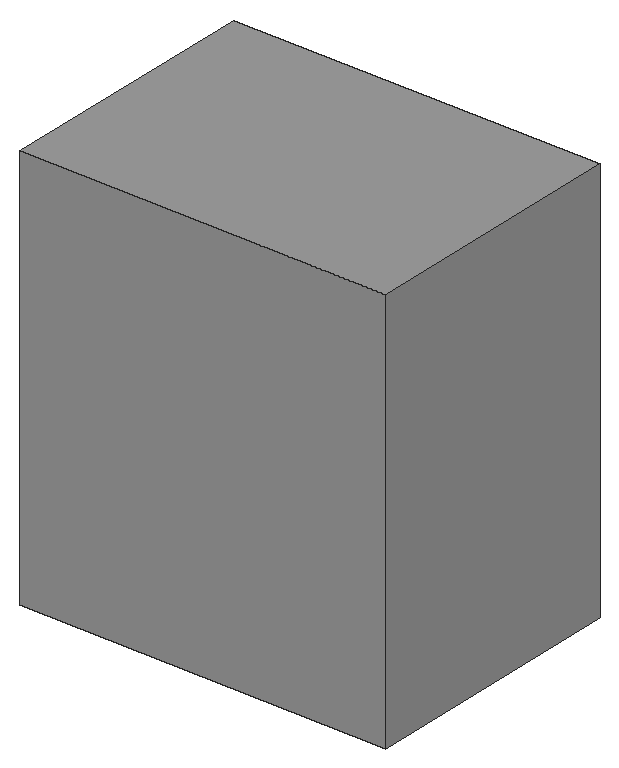
Revit family "jiaju1", category 家具, Revit 2025
Family settings
  OmniClass 编号 = 23.40.20.00
  OmniClass 标题 = General Furniture and Specialties
  基于工作平面 = 否
  视图中启用分割 = 否
  总是垂直 = 是
  载入时剪切的空心 = 否
  渲染外观源 = 族几何图形
  共享 = 否
  房间计算点 = 否
Parameters
  默认高程 = 0 mm
Reference planes
  plane 1 "中心(前/后)": y = 0
  plane 2: z = 0
  plane 3 "中心(左/右)": x = 0
  plane 4: x = 270
  plane 5: x = -270
  plane 6: y = 197
  plane 7: y = -197
  plane 8: x = -320
  plane 9: x = 320
Forms (mm)
  Extrusion 1, solid, material "默认墙"
    sketch origin (0, 0, 0) x (1, 0, 0) y (0, 1, 0)
      loop
        line (-270, 197) -> (-270, -197) -> (270, -197) -> (270, 197) -> (-270, 197)
    from 0 to 600
Dimensions and locks
  aligned and locked: level to plane 2
